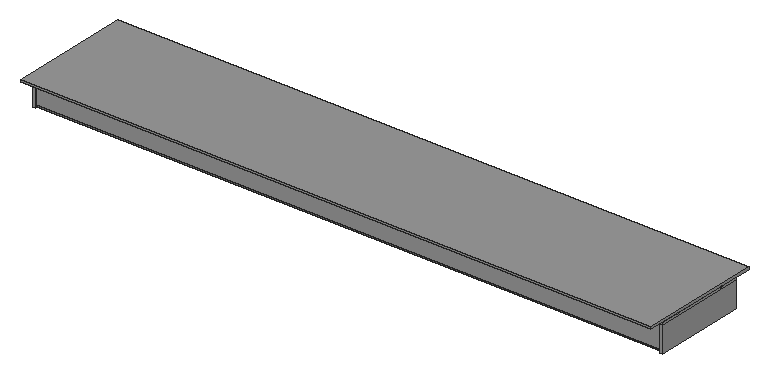
Revit family "Berica 2.2 M", category Lighting Fixtures, Revit 2020 (continued)
Definition of nested family "Light Source Berica 2.2"
  Types (4, lengths in mm): name | Photometric Web File | built-in parameter 1150142
      .41 1225.18 1184.55 1146.55 1098.39 \r\n1098.39 1140.52 1188.37 1227.23 1270.33 1312.40 1347.86 \r\n1389.00 1425.00 1465.74 1501.30 1535.94 1566.23 1598.64 \r\n1623.32 1648.20 1666.66 1684.11 1697.16 1706.90 1712.88 \r\n1716.28 1714.87 1708.85 1696.82 1681.35 1662.62 1643.28 \r\n1619.12 1592.16 1559.22 1526.18 1487.70 1447.96 1401.92 \r\n1345.46 1247.73 1130.31 1009.19 868.59 737.07 608.93 \r\n513.30 420.13 352.39 278.31 236.21 206.15 169.87 126.85 \r\n86.69 55.69 31.21 19.05 16.21 14.07 12.22 10.03 8.02 5.85 \r\n3.17 1.06 0.16 0.12 0.11 0.10 0.10 0.10 0.10 0.09 0.09 \r\n0.09 0.09 0.09 0.09 0.08 0.08 0.08 0.08 0.08 0.08 0.08 \r\n0.08 0.08 0.08 0.08 0.08 0.08 0.08 0.08 0.08 0.08 0.08 \r\n0.08 0.08 0.08 0.08 0.08 0.08 0.08 0.08 0.08 0.08 0.08 \r\n0.08 0.08 0.09 0.09 0.09 0.09 0.09 0.09 0.10 0.10 0.10 \r\n0.10 0.11 0.12 0.16 1.06 3.17 5.85 8.02 10.03 12.22 14.07 \r\n16.21 19.05 31.21 55.69 86.69 126.85 169.87 206.15 236.21 \r\n278.31 352.39 420.13 513.30 608.93 737.07 868.59 1009.19 \r\n1130.31 1247.73 1345.46 1401.92 1447.96 1487.70 1526.18 \r\n1559.22 1592.16 1619.12 1643.28 1662.62 1681.35 1696.82 \r\n1708.85 1714.87 1716.28 1712.88 1706.90 1697.16 1684.11 \r\n1666.66 1648.20 1623.32 1598.64 1566.23 1535.94 1501.30 \r\n1465.74 1425.00 1389.00 1347.86 1312.40 1270.33 1227.23 \r\n1188.37 1140.52 1098.39 \r\n1098.39 1148.11 1194.34 1241.27 1285.25 1329.02 1368.27 \r\n1412.36 1451.75 1493.15 1530.77 1567.13 1599.31 1634.71 \r\n1660.37 1684.73 1703.80 1719.81 1731.88 1741.36 1745.44 \r\n1745.10 1739.26 1728.67 1712.71 1694.55 1672.36 1645.32 \r\n1615.60 1582.89 1544.83 1503.20 1464.18 1409.36 1332.08 \r\n1205.82 1078.11 932.28 800.61 653.74 544.93 450.22 377.09 \r\n305.38 247.63 216.34 182.17 141.81 98.80 66.19 42.35 \r\n22.81 17.68 15.32 13.43 11.21 9.18 7.32 4.77 2.34 0.49 \r\n0.13 0.10 0.09 0.09 0.09 0.09 0.09 0.09 0.08 0.08 0.08 \r\n0.08 0.08 0.08 0.08 0.08 0.08 0.08 0.08 0.08 0.08 0.08 \r\n0.08 0.08 0.08 0.08 0.08 0.08 0.08 0.08 0.08 0.08 0.08 \r\n0.08 0.08 0.08 0.08 0.08 0.08 0.08 0.08 0.08 0.08 0.08 \r\n0.08 0.08 0.08 0.08 0.08 0.08 0.08 0.09 0.09 0.09 0.09 \r\n0.09 0.09 0.10 0.13 0.49 2.34 4.77 7.32 9.18 11.21 13.43 \r\n15.32 17.68 22.81 42.35 66.19 98.80 141.81 182.17 216.34 \r\n247.63 305.38 377.09 450.22 544.93 653.74 800.61 932.28 \r\n1078.11 1205.82 1332.08 1409.36 1464.18 1503.20 1544.83 \r\n1582.89 1615.60 1645.32 1672.36 1694.55 1712.71 1728.67 \r\n1739.26 1745.10 1745.44 1741.36 1731.88 1719.81 1703.80 \r\n1684.73 1660.37 1634.71 1599.31 1567.13 1530.77 1493.15 \r\n1451.75 1412.36 1368.27 1329.02 1285.25 1241.27 1194.34 \r\n1148.11 1098.39 \r\n1098.39 1151.64 1200.46 1247.26 1295.77 1340.41 1385.36 \r\n1427.12 1473.88 1515.42 1554.94 1592.95 1627.21 1659.38 \r\n1685.88 1710.54 1730.51 1746.06 1757.34 1764.52 1766.44 \r\n1761.40 1751.25 1736.33 1718.76 1697.91 1669.16 1639.45 \r\n1603.32 1564.39 1521.44 1476.14 1421.56 1324.28 1199.60 \r\n1047.21 906.78 758.22 620.52 510.83 429.52 348.89 282.75 \r\n233.29 204.49 165.42 123.38 85.85 57.33 36.93 20.13 17.10 \r\n14.77 13.17 10.80 8.97 6.94 4.47 1.95 0.35 0.11 0.09 0.08 \r\n0.08 0.08 0.08 0.08 0.08 0.08 0.08 0.08 0.08 0.08 0.09 \r\n0.09 0.09 0.09 0.09 0.09 0.10 0.10 0.10 0.10 0.10 0.11 \r\n0.11 0.11 0.11 0.11 0.11 0.11 0.11 0.11 0.11 0.11 0.11 \r\n0.11 0.10 0.10 0.10 0.10 0.10 0.09 0.09 0.09 0.09 0.09 \r\n0.09 0.08 0.08 0.08 0.08 0.08 0.08 0.08 0.08 0.08 0.08 \r\n0.08 0.09 0.11 0.35 1.95 4.47 6.94 8.97 10.80 13.17 14.77 \r\n17.10 20.13 36.93 57.33 85.85 123.38 165.42 204.49 233.29 \r\n282.75 348.89 429.52 510.83 620.52 758.22 906.78 1047.21 \r\n1199.60 1324.28 1421.56 1476.14 1521.44 1564.39 1603.32 \r\n1639.45 1669.16 1697.91 1718.76 1736.33 1751.25 1761.40 \r\n1766.44 1764.52 1757.34 1746.06 1730.51 1710.54 1685.88 \r\n1659.38 1627.21 1592.95 1554.94 1515.42 1473.88 1427.12 \r\n1385.36 1340.41 1295.77 1247.26 1200.46 1151.64 1098.39 \r\n1098.39 1155.49 1206.76 1256.08 1305.59 1349.95 1398.01 \r\n1441.95 1491.00 1530.71 1573.51 1611.47 1650.73 1680.75 \r\n1708.44 1732.80 1750.97 1765.29 1775.96 1781.41 1780.30 \r\n1772.20 1758.17 1741.04 1720.33 1694.57 1663.30 1627.21 \r\n1587.20 1543.63 1496.39 1441.18 1342.60 1207.52 1061.71 \r\n916.89 754.55 614.14 506.08 415.05 344.67 277.12 231.20 \r\n199.75 163.31 118.52 83.36 53.84 34.04 20.28 17.07 14.85 \r\n13.16 10.97 8.99 6.85 4.62 2.28 0.43 0.10 0.08 0.07 0.07 \r\n0.07 0.07 0.07 0.08 0.08 0.08 0.08 0.09 0.09 0.09 0.10 \r\n0.10 0.11 0.11 0.12 0.13 0.13 0.14 0.15 0.15 0.16 0.17 \r\n0.17 0.18 0.18 0.18 0.18 0.19 0.18 0.18 0.18 0.18 0.17 \r\n0.17 0.16 0.15 0.15 0.14 0.13 0.13 0.12 0.11 0.11 0.10 \r\n0.10 0.09 0.09 0.09 0.08 0.08 0.08 0.08 0.07 0.07 0.07 \r\n0.07 0.07 0.08 0.10 0.43 2.28 4.62 6.85 8.99 10.97 13.16 \r\n14.85 17.07 20.28 34.04 53.84 83.36 118.52 163.31 199.75 \r\n231.20 277.12 344.67 415.05 506.08 614.14 754.55 916.89 \r\n1061.71 1207.52 1342.60 1441.18 1496.39 1543.63 1587.20 \r\n1627.21 1663.30 1694.57 1720.33 1741.04 1758.17 1772.20 \r\n1780.30 1781.41 1775.96 1765.29 1750.97 1732.80 1708.44 \r\n1680.75 1650.73 1611.47 1573.51 1530.71 1491.00 1441.95 \r\n1398.01 1349.95 1305.59 1256.08 1206.76 1155.49 1098.39 \r\n1098.39 1159.78 1207.60 1262.72 1311.01 1362.21 1404.70 \r\n1453.85 1502.57 1548.46 1590.25 1627.97 1665.78 1696.45 \r\n1725.40 1748.13 1767.86 1780.34 1790.38 1793.47 1789.53 \r\n1778.59 1763.34 1742.99 1720.94 1688.32 1654.42 1616.24 \r\n1571.63 1522.94 1471.30 1392.44 1260.47 1105.78 959.60 \r\n793.97 639.16 523.84 427.54 357.72 289.14 235.34 206.14 \r\n169.68 125.92 87.68 58.79 37.95 21.51 17.46 15.39 13.56 \r\n11.72 9.50 7.52 5.42 2.79 0.99 0.11 0.08 0.07 0.07 0.07 \r\n0.07 0.07 0.07 0.08 0.08 0.08 0.09 0.10 0.11 0.11 0.13 \r\n0.14 0.15 0.17 0.18 0.20 0.22 0.24 0.25 0.27 0.29 0.30 \r\n0.32 0.33 0.34 0.34 0.35 0.35 0.35 0.34 0.34 0.33 0.32 \r\n0.30 0.29 0.27 0.25 0.24 0.22 0.20 0.18 0.17 0.15 0.14 \r\n0.13 0.11 0.11 0.10 0.09 0.08 0.08 0.08 0.07 0.07 0.07 \r\n0.07 0.07 0.07 0.08 0.11 0.99 2.79 5.42 7.52 9.50 11.72 \r\n13.56 15.39 17.46 21.51 37.95 58.79 87.68 125.92 169.68 \r\n206.14 235.34 289.14 357.72 427.54 523.84 639.16 793.97 \r\n959.60 1105.78 1260.47 1392.44 1471.30 1522.94 1571.63 \r\n1616.24 1654.42 1688.32 1720.94 1742.99 1763.34 1778.59 \r\n1789.53 1793.47 1790.38 1780.34 1767.86 1748.13 1725.40 \r\n1696.45 1665.78 1627.97 1590.25 1548.46 1502.57 1453.85 \r\n1404.70 1362.21 1311.01 1262.72 1207.60 1159.78 1098.39 \r\n1098.39 1156.63 1208.23 1261.91 1314.94 1360.94 1409.26 \r\n1456.61 1505.90 1552.69 1596.80 1633.55 1672.66 1703.71 \r\n1732.68 1754.60 1773.23 1787.26 1794.21 1795.39 1790.00 \r\n1777.73 1760.60 1739.29 1712.98 1678.48 1644.02 1602.90 \r\n1555.47 1504.62 1444.35 1332.48 1182.40 1034.41 879.53 \r\n712.69 570.18 469.01 383.80 317.10 254.03 216.23 182.98 \r\n142.89 100.01 70.04 45.49 28.09 18.72 16.17 14.28 12.57 \r\n10.53 8.49 6.52 3.84 1.82 0.27 0.10 0.08 0.07 0.07 0.08 \r\n0.08 0.08 0.09 0.09 0.10 0.11 0.12 0.13 0.14 0.16 0.18 \r\n0.21 0.23 0.26 0.28 0.30 0.33 0.35 0.37 0.39 0.41 0.42 \r\n0.44 0.44 0.45 0.45 0.46 0.46 0.46 0.45 0.45 0.44 0.44 \r\n0.42 0.41 0.39 0.37 0.35 0.33 0.30 0.28 0.26 0.23 0.21 \r\n0.18 0.16 0.14 0.13 0.12 0.11 0.10 0.09 0.09 0.08 0.08 \r\n0.08 0.07 0.07 0.08 0.10 0.27 1.82 3.84 6.52 8.49 10.53 \r\n12.57 14.28 16.17 18.72 28.09 45.49 70.04 100.01 142.89 \r\n182.98 216.23 254.03 317.10 383.80 469.01 570.18 712.69 \r\n879.53 1034.41 1182.40 1332.48 1444.35 1504.62 1555.47 \r\n1602.90 1644.02 1678.48 1712.98 1739.29 1760.60 1777.73 \r\n1790.00 1795.39 1794.21 1787.26 1773.23 1754.60 1732.68 \r\n1703.71 1672.66 1633.55 1596.80 1552.69 1505.90 1456.61 \r\n1409.26 1360.94 1314.94 1261.91 1208.23 1156.63 1098.39 \r\n1098.39 1159.91 1213.36 1262.03 1315.82 1366.45 1415.47 \r\n1465.71 1513.97 1560.02 1604.99 1644.96 1682.30 1715.45 \r\n1742.62 1765.57 1781.96 1795.37 1802.45 1802.56 1796.02 \r\n1782.29 1765.80 1741.59 1714.24 1681.12 1641.42 1598.41 \r\n1548.87 1495.70 1424.36 1303.64 1144.47 996.32 821.20 \r\n673.58 537.95 443.64 363.26 295.92 236.21 204.83 171.52 \r\n128.86 90.30 59.27 40.18 22.39 17.75 15.62 13.81 12.03 \r\n9.91 7.90 5.81 3.16 1.27 0.14 0.10 0.08 0.08 0.08 0.08 \r\n0.09 0.09 0.10 0.11 0.12 0.13 0.14 0.16 0.19 0.22 0.26 \r\n0.29 0.32 0.34 0.36 0.38 0.40 0.42 0.44 0.45 0.46 0.46 \r\n0.47 0.46 0.46 0.46 0.46 0.46 0.46 0.46 0.46 0.46 0.47 \r\n0.46 0.46 0.45 0.44 0.42 0.40 0.38 0.36 0.34 0.32 0.29 \r\n0.26 0.22 0.19 0.16 0.14 0.13 0.12 0.11 0.10 0.09 0.09 \r\n0.08 0.08 0.08 0.08 0.10 0.14 1.27 3.16 5.81 7.90 9.91 \r\n12.03 13.81 15.62 17.75 22.39 40.18 59.27 90.30 128.86 \r\n171.52 204.83 236.21 295.92 363.26 443.64 537.95 673.58 \r\n821.20 996.32 1144.47 1303.64 1424.36 1495.70 1548.87 \r\n1598.41 1641.42 1681.12 1714.24 1741.59 1765.80 1782.29 \r\n1796.02 1802.56 1802.45 1795.37 1781.96 1765.57 1742.62 \r\n1715.45 1682.30 1644.96 1604.99 1560.02 1513.97 1465.71 \r\n1415.47 1366.45 1315.82 1262.03 1213.36 1159.91 1098.39 \r\n1098.39 1150.84 1203.86 1253.92 1306.82 1352.56 1405.86 \r\n1453.73 1502.78 1546.20 1593.74 1629.52 1665.72 1697.95 \r\n1723.66 1744.20 1760.62 1772.82 1777.45 1775.14 1767.35 \r\n1751.93 1733.68 1709.91 1680.03 1643.62 1602.59 1555.66 \r\n1509.60 1452.50 1368.15 1224.63 1072.69 932.74 747.73 \r\n608.75 484.16 401.82 329.70 267.78 217.87 191.11 149.75 \r\n110.40 74.44 48.71 31.81 19.17 16.48 14.59 12.99 10.93 \r\n9.18 6.87 4.49 2.22 0.68 0.12 0.10 0.10 0.10 0.10 0.11 \r\n0.11 0.12 0.14 0.15 0.17 0.19 0.23 0.27 0.32 0.38 0.43 \r\n0.46 0.48 0.48 0.49 0.50 0.51 0.52 0.52 0.52 0.52 0.51 \r\n0.51 0.50 0.49 0.48 0.48 0.48 0.48 0.48 0.49 0.50 0.51 \r\n0.51 0.52 0.52 0.52 0.52 0.51 0.50 0.49 0.48 0.48 0.46 \r\n0.43 0.38 0.32 0.27 0.23 0.19 0.17 0.15 0.14 0.12 0.11 \r\n0.11 0.10 0.10 0.10 0.10 0.12 0.68 2.22 4.49 6.87 9.18 \r\n10.93 12.99 14.59 16.48 19.17 31.81 48.71 74.44 110.40 \r\n149.75 191.11 217.87 267.78 329.70 401.82 484.16 608.75 \r\n747.73 932.74 1072.69 1224.63 1368.15 1452.50 1509.60 \r\n1555.66 1602.59 1643.62 1680.03 1709.91 1733.68 1751.93 \r\n1767.35 1775.14 1777.45 1772.82 1760.62 1744.20 1723.66 \r\n1697.95 1665.72 1629.52 1593.74 1546.20 1502.78 1453.73 \r\n1405.86 1352.56 1306.82 1253.92 1203.86 1150.84 1098.39 \r\n1098.39 1159.91 1213.36 1262.03 1315.82 1366.45 1415.47 \r\n1465.71 1513.97 1560.02 1604.99 1644.96 1682.30 1715.45 \r\n1742.62 1765.57 1781.96 1795.37 1802.45 1802.56 1796.02 \r\n1782.29 1765.80 1741.59 1714.24 1681.12 1641.42 1598.41 \r\n1548.87 1495.70 1424.36 1303.64 1144.47 996.32 821.20 \r\n673.58 537.95 443.64 363.26 295.92 236.21 204.83 171.52 \r\n128.86 90.30 59.27 40.18 22.39 17.75 15.62 13.81 12.03 \r\n9.91 7.90 5.81 3.16 1.27 0.14 0.10 0.08 0.08 0.08 0.08 \r\n0.09 0.09 0.10 0.11 0.12 0.13 0.14 0.16 0.19 0.22 0.26 \r\n0.29 0.32 0.34 0.36 0.38 0.40 0.42 0.44 0.45 0.46 0.46 \r\n0.47 0.46 0.46 0.46 0.46 0.46 0.46 0.46 0.46 0.46 0.47 \r\n0.46 0.46 0.45 0.44 0.42 0.40 0.38 0.36 0.34 0.32 0.29 \r\n0.26 0.22 0.19 0.16 0.14 0.13 0.12 0.11 0.10 0.09 0.09 \r\n0.08 0.08 0.08 0.08 0.10 0.14 1.27 3.16 5.81 7.90 9.91 \r\n12.03 13.81 15.62 17.75 22.39 40.18 59.27 90.30 128.86 \r\n171.52 204.83 236.21 295.92 363.26 443.64 537.95 673.58 \r\n821.20 996.32 1144.47 1303.64 1424.36 1495.70 1548.87 \r\n1598.41 1641.42 1681.12 1714.24 1741.59 1765.80 1782.29 \r\n1796.02 1802.56 1802.45 1795.37 1781.96 1765.57 1742.62 \r\n1715.45 1682.30 1644.96 1604.99 1560.02 1513.97 1465.71 \r\n1415.47 1366.45 1315.82 1262.03 1213.36 1159.91 1098.39 \r\n1098.39 1156.63 1208.23 1261.91 1314.94 1360.94 1409.26 \r\n1456.61 1505.90 1552.69 1596.80 1633.55 1672.66 1703.71 \r\n1732.68 1754.60 1773.23 1787.26 1794.21 1795.39 1790.00 \r\n1777.73 1760.60 1739.29 1712.98 1678.48 1644.02 1602.90 \r\n1555.47 1504.62 1444.35 1332.48 1182.40 1034.41 879.53 \r\n712.69 570.18 469.01 383.80 317.10 254.03 216.23 182.98 \r\n142.89 100.01 70.04 45.49 28.09 18.72 16.17 14.28 12.57 \r\n10.53 8.49 6.52 3.84 1.82 0.27 0.10 0.08 0.07 0.07 0.08 \r\n0.08 0.08 0.09 0.09 0.10 0.11 0.12 0.13 0.14 0.16 0.18 \r\n0.21 0.23 0.26 0.28 0.30 0.33 0.35 0.37 0.39 0.41 0.42 \r\n0.44 0.44 0.45 0.45 0.46 0.46 0.46 0.45 0.45 0.44 0.44 \r\n0.42 0.41 0.39 0.37 0.35 0.33 0.30 0.28 0.26 0.23 0.21 \r\n0.18 0.16 0.14 0.13 0.12 0.11 0.10 0.09 0.09 0.08 0.08 \r\n0.08 0.07 0.07 0.08 0.10 0.27 1.82 3.84 6.52 8.49 10.53 \r\n12.57 14.28 16.17 18.72 28.09 45.49 70.04 100.01 142.89 \r\n182.98 216.23 254.03 317.10 383.80 469.01 570.18 712.69 \r\n879.53 1034.41 1182.40 1332.48 1444.35 1504.62 1555.47 \r\n1602.90 1644.02 1678.48 1712.98 1739.29 1760.60 1777.73 \r\n1790.00 1795.39 1794.21 1787.26 1773.23 1754.60 1732.68 \r\n1703.71 1672.66 1633.55 1596.80 1552.69 1505.90 1456.61 \r\n1409.26 1360.94 1314.94 1261.91 1208.23 1156.63 1098.39 \r\n1098.39 1159.78 1207.60 1262.72 1311.01 1362.21 1404.70 \r\n1453.85 1502.57 1548.46 1590.25 1627.97 1665.78 1696.45 \r\n1725.40 1748.13 1767.86 1780.34 1790.38 1793.47 1789.53 \r\n1778.59 1763.34 1742.99 1720.94 1688.32 1654.42 1616.24 \r\n1571.63 1522.94 1471.30 1392.44 1260.47 1105.78 959.60 \r\n793.97 639.16 523.84 427.54 357.72 289.14 235.34 206.14 \r\n169.68 125.92 87.68 58.79 37.95 21.51 17.46 15.39 13.56 \r\n11.72 9.50 7.52 5.42 2.79 0.99 0.11 0.08 0.07 0.07 0.07 \r\n0.07 0.07 0.07 0.08 0.08 0.08 0.09 0.10 0.11 0.11 0.13 \r\n0.14 0.15 0.17 0.18 0.20 0.22 0.24 0.25 0.27 0.29 0.30 \r\n0.32 0.33 0.34 0.34 0.35 0.35 0.35 0.34 0.34 0.33 0.32 \r\n0.30 0.29 0.27 0.25 0.24 0.22 0.20 0.18 0.17 0.15 0.14 \r\n0.13 0.11 0.11 0.10 0.09 0.08 0.08 0.08 0.07 0.07 0.07 \r\n0.07 0.07 0.07 0.08 0.11 0.99 2.79 5.42 7.52 9.50 11.72 \r\n13.56 15.39 17.46 21.51 37.95 58.79 87.68 125.92 169.68 \r\n206.14 235.34 289.14 357.72 427.54 523.84 639.16 793.97 \r\n959.60 1105.78 1260.47 1392.44 1471.30 1522.94 1571.63 \r\n1616.24 1654.42 1688.32 1720.94 1742.99 1763.34 1778.59 \r\n1789.53 1793.47 1790.38 1780.34 1767.86 1748.13 1725.40 \r\n1696.45 1665.78 1627.97 1590.25 1548.46 1502.57 1453.85 \r\n1404.70 1362.21 1311.01 1262.72 1207.60 1159.78 1098.39 \r\n1098.39 1155.49 1206.76 1256.08 1305.59 1349.95 1398.01 \r\n1441.95 1491.00 1530.71 1573.51 1611.47 1650.73 1680.75 \r\n1708.44 1732.80 1750.97 1765.29 1775.96 1781.41 1780.30 \r\n1772.20 1758.17 1741.04 1720.33 1694.57 1663.30 1627.21 \r\n1587.20 1543.63 1496.39 1441.18 1342.60 1207.52 1061.71 \r\n916.89 754.55 614.14 506.08 415.05 344.67 277.12 231.20 \r\n199.75 163.31 118.52 83.36 53.84 34.04 20.28 17.07 14.85 \r\n13.16 10.97 8.99 6.85 4.62 2.28 0.43 0.10 0.08 0.07 0.07 \r\n0.07 0.07 0.07 0.08 0.08 0.08 0.08 0.09 0.09 0.09 0.10 \r\n0.10 0.11 0.11 0.12 0.13 0.13 0.14 0.15 0.15 0.16 0.17 \r\n0.17 0.18 0.18 0.18 0.18 0.19 0.18 0.18 0.18 0.18 0.17 \r\n0.17 0.16 0.15 0.15 0.14 0.13 0.13 0.12 0.11 0.11 0.10 \r\n0.10 0.09 0.09 0.09 0.08 0.08 0.08 0.08 0.07 0.07 0.07 \r\n0.07 0.07 0.08 0.10 0.43 2.28 4.62 6.85 8.99 10.97 13.16 \r\n14.85 17.07 20.28 34.04 53.84 83.36 118.52 163.31 199.75 \r\n231.20 277.12 344.67 415.05 506.08 614.14 754.55 916.89 \r\n1061.71 1207.52 1342.60 1441.18 1496.39 1543.63 1587.20 \r\n1627.21 1663.30 1694.57 1720.33 1741.04 1758.17 1772.20 \r\n1780.30 1781.41 1775.96 1765.29 1750.97 1732.80 1708.44 \r\n1680.75 1650.73 1611.47 1573.51 1530.71 1491.00 1441.95 \r\n1398.01 1349.95 1305.59 1256.08 1206.76 1155.49 1098.39 \r\n1098.39 1151.64 1200.46 1247.26 1295.77 1340.41 1385.36 \r\n1427.12 1473.88 1515.42 1554.94 1592.95 1627.21 1659.38 \r\n1685.88 1710.54 1730.51 1746.06 1757.34 1764.52 1766.44 \r\n1761.40 1751.25 1736.33 1718.76 1697.91 1669.16 1639.45 \r\n1603.32 1564.39 1521.44 1476.14 1421.56 1324.28 1199.60 \r\n1047.21 906.78 758.22 620.52 510.83 429.52 348.89 282.75 \r\n233.29 204.49 165.42 123.38 85.85 57.33 36.93 20.13 17.10 \r\n14.77 13.17 10.80 8.97 6.94 4.47 1.95 0.35 0.11 0.09 0.08 \r\n0.08 0.08 0.08 0.08 0.08 0.08 0.08 0.08 0.08 0.08 0.09 \r\n0.09 0.09 0.09 0.09 0.09 0.10 0.10 0.10 0.10 0.10 0.11 \r\n0.11 0.11 0.11 0.11 0.11 0.11 0.11 0.11 0.11 0.11 0.11 \r\n0.11 0.10 0.10 0.10 0.10 0.10 0.09 0.09 0.09 0.09 0.09 \r\n0.09 0.08 0.08 0.08 0.08 0.08 0.08 0.08 0.08 0.08 0.08 \r\n0.08 0.09 0.11 0.35 1.95 4.47 6.94 8.97 10.80 13.17 14.77 \r\n17.10 20.13 36.93 57.33 85.85 123.38 165.42 204.49 233.29 \r\n282.75 348.89 429.52 510.83 620.52 758.22 906.78 1047.21 \r\n1199.60 1324.28 1421.56 1476.14 1521.44 1564.39 1603.32 \r\n1639.45 1669.16 1697.91 1718.76 1736.33 1751.25 1761.40 \r\n1766.44 1764.52 1757.34 1746.06 1730.51 1710.54 1685.88 \r\n1659.38 1627.21 1592.95 1554.94 1515.42 1473.88 1427.12 \r\n1385.36 1340.41 1295.77 1247.26 1200.46 1151.64 1098.39 \r\n1098.39 1148.11 1194.34 1241.27 1285.25 1329.02 1368.27 \r\n1412.36 1451.75 1493.15 1530.77 1567.13 1599.31 1634.71 \r\n1660.37 1684.73 1703.80 1719.81 1
